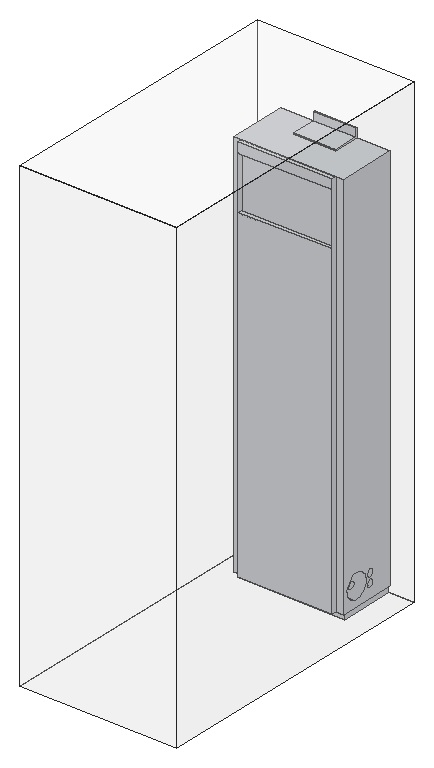
Revit family "ps-rp50_160ka21_50hz", category 機械設備, Revit 2019
Family settings
  丸型コネクタ寸法 = 直径を使用
  パーツ タイプ = 標準
  OmniClass 番号 = 23.75.10.24.21.27.27
  OmniClass タイトル = Split System Air Conditioning Units
  作業面ベース = いいえ
  常に垂直 = はい
  ロード時にボイドで切り取り = いいえ
  共有 = いいえ
  部屋計算ポイント = はい
Parameters (values of type "床置_PS-RP80KA21")
  風量_強 (㎥/min) = 15
  風量_弱 (㎥/min) = 13
  風量_中 (㎥/min) = 14
  風量 = MAX風量  # 900.0 m³/h
  音響パワーレベル_弱 (dB) = 52
  音響パワーレベル_中 (dB) = 55
  音響パワーレベル_強 (dB) = 57
  音響パワーレベル(dB) = [音響パワーレベル_強 (dB)]  # 57
  電線用ノックアウト穴Z2 = 90 mm
  電線用ノックアウト穴Z1 = 130 mm
  電線用ノックアウト穴Y = 110 mm
  電源種別 = ""
  電源_H = 0 mm
  電機品箱位置W = 22 mm
  電機品箱位置H = 641 mm
  電機品箱位置D = 170 mm
  電機品箱W = 348 mm
  電機品箱H = 151 mm
  電機品箱D = 61 mm
  電圧 = 0 V
  電動機出力_送風機 = 0.05 kW
  運転質量 = 0.00 kg
  連動 = ""
  転倒防止金具幅 = 180 mm
  質量 = if(製品質量 > 運転質量, 製品質量, 運転質量) * 1.2  # 42.00 kg
  負荷分類 = 3_ファン類
  構成品番 = "PS-RP80KA21"
  吊り位置y_3 = 175 mm
  吊り位置X_3 = 80 mm
  冷媒，ドレン配管用ノックアウト穴正面-Z = 105 mm
  冷媒，ドレン配管用ノックアウト穴正面-X2 = 20 mm
  ドレン管径 (外径) = 26 mm
  【値が 0 の項目は組合せ形名にてご確認ください】 = ""
  MIN風量 = [風量_弱 (㎥/min)] * 60.0 m³/h  # 780.0 m³/h
  MID風量 = [風量_中 (㎥/min)] * 60.0 m³/h  # 840.0 m³/h
  MAX風量 = [風量_強 (㎥/min)] * 60.0 m³/h  # 900.0 m³/h
  吸込口高さ = 585 mm
  吸込口幅 = 405 mm
  吊り位置Y_1 = 55 mm
  吊り位置Y_2 = 145 mm
  吊り位置X_2 = 280 mm
  吊り位置X_1 = 200 mm
  冷媒，ドレン配管用ノックアウト穴側面-Z = 110 mm
  冷媒，ドレン配管用ノックアウト穴側面-Y = 180 mm
  冷媒，ドレン配管用ノックアウト穴正面-X1 = 75 mm
  冷媒液管位置-Z = 550 mm
  冷媒液管位置-Y = 201 mm
  冷媒液管位置-X = 45 mm
  冷媒ガス管位置-Z = 402 mm
  冷媒ガス管位置-Y = 186 mm
  冷媒ガス管位置-X = 78 mm
  吹出口高さ = 230 mm
  吹出口幅 = 400 mm
  ドレン管径-Y = 210 mm
  ドレン管径-X = 25 mm
  ケーブルサイズ = 0 mm
  Width = 470 mm
  URL = "https://www.mitsubishielectric.co.jp/ldg/wink/ssl/top.do"
  Height = 1700 mm
  説明 = "店舗・事務所用パッケージエアコン(Mr.SLIM) 床置形"
  設計暖房能力 = 0.00 kW
  設計冷房能力_顕熱 = 0 kW
  設計冷房能力 = 0 kW
  設置方法 = "床置形"
  記号 = ""
  製造元 = "三菱電機株式会社"
  製品質量 = 35.00 kg
  製品出荷対象 = "国内"
  製品リリース年月 = ""
  製品グループ = ""
  系統 = ""
  符号 = "PAC_FRV"
  積算_科目 = "1 空気調和設備"
  積算_拾い区分 [instance] = ""
  相 = 1
  盤記号 = ""
  発停方法 = "付属スイッチ"
  特殊仕様 = ""
  火災停止 = ""
  消費電力_暖房 = 0.08 kW
  消費電力_冷房 = 0.09 kW
  消費電力 = if(消費電力_冷房 > 消費電力_暖房, 消費電力_冷房, 消費電力_暖房)  # 0.09 kW
  法定耐用年数 = "6"
  極数 = 1
  材質 = ""
  本体マテリアル = none
  有効加湿量 = 0
  暖房能力 = 8.00 kW
  推奨ブレーカー容量 = 0 A
  形式_加湿器 = ""
  形式 = "床置（露出）立形"
  幹線記号 = ""
  始動方式 = "直入"
  呼称 = "室内機_床置（露出）立形（直吹）"
  周波数 = 50 Hz
  台数_手元リモコン = ""
  台数_冷媒分岐ユニット = ""
  参照している仕様書等のバージョン = "公共建築工事標準仕様書（機械設備工事編）平成31年度版"
  加湿給水管径 = 0.00 mm
  分類コード = "5.0053E+13"
  分類グループ = ""
  冷房能力 = 7.1 kW
  冷媒高低圧ガス管径 = 0.00 mm
  冷媒管径符号 = "Bd"
  冷媒管径 = 100.00 mm
  冷媒液管径 = 9.52 mm
  冷媒ガス管径 = 15.88 mm
  企業コード = "108420"
  付属品_フィルター = ""
  付属品 = ""
  仕様書バージョン = "Version1.0"
  Model = ""
  パネルマテリアル = none
  ドレン管径 = 20.00 mm
  サービススペース = yes
  コメント [instance] = ""
  ケーブル種類 = ""
  Version = ""
  Uniclass2015Version = "Systems v1.9"
  Uniclass2015Title = "Split coil remote air cooled condensing units"
  Uniclass2015Code = "Pr_70_65_03_84"
  SpecificationReference = ""
  SpecificationDescription = ""
  Revision = ""
  ProductInformation = ""
  OmniClassCode = "23-33 17 13 11"
  IfcTypeProduct = ""
  IfcProduct = ""
  IfcExportType = "AIRCONDITIONINGUNIT"
  IfcExportAs = "IfcUnitaryEquipmentType"
  Depth = 270 mm
  価格 = 0
  Clearance Top = 300 mm
  Clearance Right = 100 mm
  Clearance Left = 100 mm
  Clearance Front = 1000 mm
  Clearance Bottom = 0 mm
  Clearance Back = 5 mm
  B = 797 mm
  Author = "三菱電機株式会社"
  A = 172.5 mm
Types (8, lengths in mm): name | 風量_強 (㎥/min) | 風量_弱 (㎥/min) | 風量_中 (㎥/min) | 風量 | 音響パワーレベル_弱 (dB) | 音響パワーレベル_中 (dB) | 音響パワーレベル_強 (dB) | 音響パワーレベル(dB) | 電線用ノックアウト穴Z1 | 電線用ノックアウト穴Y | 電機品箱位置H | 電機品箱位置D | 電機品箱W | 電機品箱H | 電機品箱D | 電動機出力_送風機 | 転倒防止金具幅 | 質量 | 構成品番 | 吊り位置y_3 | 吊り位置X_3 | 冷媒，ドレン配管用ノックアウト穴正面-Z | MIN風量 | MID風量 | MAX風量 | 吸込口高さ | 吸込口幅 | 吊り位置Y_1 | 吊り位置Y_2 | 吊り位置X_2 | 吊り位置X_1 | 冷媒，ドレン配管用ノックアウト穴側面-Z | 冷媒，ドレン配管用ノックアウト穴側面-Y | 冷媒，ドレン配管用ノックアウト穴正面-X1 | 冷媒液管位置-Z | 冷媒液管位置-Y | 冷媒液管位置-X | 冷媒ガス管位置-Z | 冷媒ガス管位置-Y | 冷媒ガス管位置-X | 吹出口高さ | 吹出口幅 | ドレン管径-Y | ドレン管径-X | Width | Height | 製品質量 | 消費電力_暖房 | 消費電力_冷房 | 消費電力 | 暖房能力 | 冷房能力 | 冷媒管径符号 | 冷媒液管径 | 冷媒ガス管径 | Depth | B | A
  床置_PS-RP50KA21 | 14 | 12 | 13 | 840.0 m³/h | 52 | 54 | 56 | 56 | 130 | 110 | 641 | 170 | 348 | 151 | 61 | 0.05 kW | 180 | 42.00 kg | "PS-RP50KA21" | 175 | 80 | 105 | 720.0 m³/h | 780.0 m³/h | 840.0 m³/h | 585 | 405 | 55 | 145 | 280 | 200 | 110 | 180 | 75 | 550 | 201 | 45 | 402 | 186 | 78 | 230 | 400 | 210 | 25 | 470 | 1700 | 35.00 kg | 0.08 kW | 0.09 kW | 0.09 kW | 5.00 kW | 4.5 kW | "Ac" | 6.35 | 12.70 | 270 | 797 | 172.5
  床置_PS-RP56KA21 | 14 | 12 | 13 | 840.0 m³/h | 52 | 54 | 56 | 56 | 130 | 110 | 641 | 170 | 348 | 151 | 61 | 0.05 kW | 180 | 42.00 kg | "PS-RP56KA21" | 175 | 80 | 105 | 720.0 m³/h | 780.0 m³/h | 840.0 m³/h | 585 | 405 | 55 | 145 | 280 | 200 | 110 | 180 | 75 | 550 | 201 | 45 | 402 | 186 | 78 | 230 | 400 | 210 | 25 | 470 | 1700 | 35.00 kg | 0.08 kW | 0.09 kW | 0.09 kW | 5.60 kW | 5 kW | "Ac" | 6.35 | 12.70 | 270 | 797 | 172.5
  床置_PS-RP63KA21 | 15 | 13 | 14 | 900.0 m³/h | 52 | 54 | 56 | 56 | 130 | 110 | 641 | 170 | 348 | 151 | 61 | 0.05 kW | 180 | 42.00 kg | "PS-RP63KA21" | 175 | 80 | 105 | 780.0 m³/h | 840.0 m³/h | 900.0 m³/h | 585 | 405 | 55 | 145 | 280 | 200 | 110 | 180 | 75 | 550 | 201 | 45 | 402 | 186 | 78 | 230 | 400 | 210 | 25 | 470 | 1700 | 35.00 kg | 0.08 kW | 0.09 kW | 0.09 kW | 6.30 kW | 5.6 kW | "Ac" | 6.35 | 12.70 | 270 | 797 | 172.5
  床置_PS-RP71KA21 | 15 | 13 | 14 | 900.0 m³/h | 52 | 55 | 57 | 57 | 130 | 110 | 641 | 170 | 348 | 151 | 61 | 0.05 kW | 180 | 42.00 kg | "PS-RP71KA21" | 175 | 80 | 105 | 780.0 m³/h | 840.0 m³/h | 900.0 m³/h | 585 | 405 | 55 | 145 | 280 | 200 | 110 | 180 | 75 | 550 | 201 | 45 | 402 | 186 | 78 | 230 | 400 | 210 | 25 | 470 | 1700 | 35.00 kg | 0.08 kW | 0.09 kW | 0.09 kW | 7.10 kW | 6.3 kW | "Bd" | 9.52 | 15.88 | 270 | 797 | 172.5
  床置_PS-RP80KA21 | 15 | 13 | 14 | 900.0 m³/h | 52 | 55 | 57 | 57 | 130 | 110 | 641 | 170 | 348 | 151 | 61 | 0.05 kW | 180 | 42.00 kg | "PS-RP80KA21" | 175 | 80 | 105 | 780.0 m³/h | 840.0 m³/h | 900.0 m³/h | 585 | 405 | 55 | 145 | 280 | 200 | 110 | 180 | 75 | 550 | 201 | 45 | 402 | 186 | 78 | 230 | 400 | 210 | 25 | 470 | 1700 | 35.00 kg | 0.08 kW | 0.09 kW | 0.09 kW | 8.00 kW | 7.1 kW | "Bd" | 9.52 | 15.88 | 270 | 797 | 172.5
  床置_PS-RP112KA21 | 30 | 24 | 27 | 1800.0 m³/h | 57 | 61 | 63 | 63 | 140 | 190 | 714 | 245 | 461 | 123 | 66 | 0.16 kW | 260 | 58.80 kg | "PS-RP112KA21" | 254 | 99 | 110 | 1440.0 m³/h | 1620.0 m³/h | 1800.0 m³/h | 599 | 524 | 77 | 201 | 277 | 218 | 115 | 260 | 105 | 590 | 261 | 48 | 480 | 261 | 95 | 260 | 520 | 289 | 27 | 600 | 1900 | 49.00 kg | 0.20 kW | 0.21 kW | 0.21 kW | 11.20 kW | 10 kW | "Bd" | 9.52 | 15.88 | 360 | 834 | 181
  床置_PS-RP140KA21 | 30 | 24 | 27 | 1800.0 m³/h | 57 | 61 | 63 | 63 | 140 | 190 | 714 | 245 | 461 | 123 | 66 | 0.16 kW | 260 | 58.80 kg | "PS-RP140KA21" | 254 | 99 | 110 | 1440.0 m³/h | 1620.0 m³/h | 1800.0 m³/h | 599 | 524 | 77 | 201 | 277 | 218 | 115 | 260 | 105 | 590 | 261 | 48 | 480 | 261 | 95 | 260 | 520 | 289 | 27 | 600 | 1900 | 49.00 kg | 0.20 kW | 0.21 kW | 0.21 kW | 14.00 kW | 12.5 kW | "Bd" | 9.52 | 15.88 | 360 | 834 | 181
  床置_PS-RP160KA21 | 30 | 24 | 27 | 1800.0 m³/h | 59 | 62 | 64 | 64 | 140 | 190 | 714 | 245 | 461 | 123 | 66 | 0.16 kW | 260 | 58.80 kg | "PS-RP160KA21" | 254 | 99 | 110 | 1440.0 m³/h | 1620.0 m³/h | 1800.0 m³/h | 599 | 524 | 77 | 201 | 277 | 218 | 115 | 260 | 105 | 590 | 261 | 48 | 480 | 261 | 95 | 260 | 520 | 289 | 27 | 600 | 1900 | 49.00 kg | 0.20 kW | 0.21 kW | 0.21 kW | 16.00 kW | 14 kW | "Bd" | 9.52 | 15.88 | 360 | 834 | 181
Reference planes
  plane 1 "中心(正面/背面)": y = 0
  plane 2: z = 0
  plane 3 "中心(左/右)": x = 0
  plane 4: x = -235
  plane 5: x = 235
  plane 6: z = 1700
  plane 7: z = 30
  plane 8: x = 157
  plane 9: x = 190
  plane 10: x = 210
  plane 11: x = -90
  plane 12: x = 90
  plane 13: z = 550
  plane 14: z = 402
  plane 15: z = 1430
  plane 16: z = 757.5
  plane 17: z = 172.5
  plane 18: x = -202.5
  plane 19: x = 202.5
  plane 20: z = 827
  plane 21: z = 1660
  plane 22: x = -335
  plane 23: x = 335
  plane 24: z = 2000
  plane 25: z = 110
  plane 26 "本体背面": y = 0
  plane 27: y = -250
  plane 28 "Front": y = -270
  plane 29: y = -186
  plane 30: y = -201
  plane 31: y = -210
  plane 32: y = 5
  plane 33: y = -1270
  plane 34: y = -180
  plane 35: y = -110
  plane 36: x = -122.5
  plane 37: x = 122.5
  plane 38: y = -55
  plane 39: y = -200
  plane 40: x = -140
  plane 41: x = 140
  plane 42: x = -100
  plane 43: x = 100
  plane 44: z = 105
  plane 45: x = 160
  plane 46: x = -20
  plane 47: z = 90
  plane 48: z = 130
  plane 49: z = 125
  plane 50: x = -225
  plane 51: y = -175
  plane 52: x = 155
  plane 53: y = -170
  plane 54: y = -231
  plane 55: z = 641
  plane 56: z = 792
  plane 57: x = -213
  plane 58: x = 135
Forms (mm)
  Extrusion 1, solid
    sketch origin (0, -125, 0) x (1, 0, 0) y (0, 1, 0)
      loop
        line (-235, 125) -> (-235, -125) -> (235, -125) -> (235, 125) -> (-235, 125)
    from 30 to 1700
  Extrusion 2, solid, detail levels fine
    sketch origin (0, -125, 0) x (1, 0, 0) y (0, 1, 0)
      loop
        line (-202.5, -145) -> (202.5, -145) -> (202.5, -125) -> (-202.5, -125) -> (-202.5, -145)
    from 30 to 1700
  Extrusion 3, solid, detail levels fine
    sketch origin (0, -125, 0) x (1, 0, 0) y (0, 1, 0)
      loop
        line (-225, -105) -> (225, -105) -> (225, 125) -> (-225, 125) -> (-225, -105)
    from 0 to 30
  Extrusion 4, solid, detail levels fine
    sketch origin (0, -125, 0) x (0, 1, 0) y (0, 0, 1)
      loop
        line (125, 1740) -> (120, 1740) -> (120, 1704.676) -> (14, 1704.676) -> (14, 1700) -> (125, 1700) -> (125, 1740)
    from -90 to 90
  Extrusion 5, solid, detail levels fine
    sketch origin (0, -125, 0) x (1, 0, 0) y (0, 1, 0)
      loop
        circle (157, -61) r 7.94
    from 402 to 827
  Extrusion 6, solid, detail levels fine
    sketch origin (35, -140, 0) x (1, 0, 0) y (0, 1, 0)
      loop
        circle (155, -61) r 4.76
    from 550 to 827
  Extrusion 7, solid, detail levels fine
    sketch origin (0, -125, 0) x (1, 0, 0) y (0, 1, 0)
      loop
        circle (210, -85) r 13
    from 125 to 827
  Extrusion 8, void
    sketch origin (0, -125, 0) x (1, 0, 0) y (0, 0, 1)
      loop
        line (-200, 1660) -> (-200, 1430) -> (200, 1430) -> (200, 1660) -> (-200, 1660)
    from 125 to 145
  Extrusion 9, solid, detail levels fine
    sketch origin (0, -125, 0) x (0, 1, 0) y (0, 0, 1)
      loop
        circle (-55, 110) r 50
    from 225 to 235
  Extrusion 10, solid
    sketch origin (1480.036, -270, 1200) x (1, 0, 0) y (0, 0, -1)
      loop
        circle (-1500.036, 1095) r 50
    from 265 to 270
  Extrusion 11, solid
    sketch origin (1630.036, -270, 1200) x (1, 0, 0) y (0, 0, -1)
      loop
        circle (-1470.036, 1095) r 50
    from 265 to 270
  Extrusion 12, solid, detail levels fine
    sketch origin (0, 0, 0) x (0, 1, 0) y (0, 0, 1)
      loop
        circle (-110, 90) r 13.5
      loop
        circle (-110, 130) r 13.5
    from 225 to 235
  Extrusion 13, solid
    sketch origin (0, 0, 0) x (1, 0, 0) y (0, 1, 0)
      loop
        circle (185, -175) r 13
    from 0 to 1.766
  Extrusion 14, solid
    sketch origin (0, 0, 0) x (0, 1, 0) y (0, 0, 1)
      loop
        circle (-210, 125) r 13
    from 235 to 225
  Extrusion 15, solid
    sketch origin (0, 0, 0) x (0, 1, 0) y (0, 0, 1)
      loop
        circle (-180, 110) r 50
    from -225 to -235
  Extrusion 16, solid
    sketch origin (0, 0, 0) x (0, 1, 0) y (0, 0, 1)
      loop
        circle (-210, 125) r 13
    from -235 to -225
  Extrusion 17, solid
    sketch origin (0, 0, 0) x (1, 0, 0) y (0, 1, 0)
      loop
        circle (155, -175) r 50
    from 0 to 30
  Extrusion 18, solid
    sketch origin (1480.036, -270, 1200) x (1, 0, 0) y (0, 0, -1)
      loop
        circle (-1470.036, 1090) r 13
    from 270 to 265
  Extrusion 19, solid
    sketch origin (1480.036, -270, 1200) x (1, 0, 0) y (0, 0, -1)
      loop
        circle (-1290.036, 1090) r 13
    from 265 to 270
  Extrusion 20, solid, detail levels fine
    sketch origin (0, 0, 0) x (1, 0, 0) y (0, 0, 1)
      loop
        line (-213, 792) -> (-213, 641) -> (135, 641) -> (135, 792) -> (-213, 792)
    from 170 to 231
Cuts and joins
  Extrusion 8 cuts Extrusion 1
  Extrusion 8 cuts Extrusion 2
Lines and regions (mm)
  model lines, detail levels fine
    curve 1: line (-235, -250, 827) -> (-202.5, -250, 827)
    curve 2: line (235, -250, 827) -> (202.5, -250, 827)
    curve 3: line (-202.5, -270, 172.5) -> (202.5, -270, 172.5)
    curve 4: line (-202.5, -270, 757.5) -> (-202.5, -270, 172.5)
    curve 5: line (202.5, -270, 757.5) -> (202.5, -270, 172.5)
    curve 6: line (-202.5, -270, 757.5) -> (202.5, -270, 757.5)
    curve 7: line (-202.5, -270, 189.706) -> (202.5, -270, 189.706)
    curve 8: line (-202.5, -270, 206.912) -> (202.5, -270, 206.912)
    curve 9: line (-202.5, -270, 224.118) -> (202.5, -270, 224.118)
    curve 10: line (-202.5, -270, 241.324) -> (202.5, -270, 241.324)
    curve 11: line (-202.5, -270, 258.529) -> (202.5, -270, 258.529)
    curve 12: line (-202.5, -270, 275.735) -> (202.5, -270, 275.735)
    curve 13: line (-202.5, -270, 292.941) -> (202.5, -270, 292.941)
    curve 14: line (-202.5, -270, 310.147) -> (202.5, -270, 310.147)
    curve 15: line (-202.5, -270, 327.353) -> (202.5, -270, 327.353)
    curve 16: line (-202.5, -270, 344.559) -> (202.5, -270, 344.559)
    curve 17: line (-202.5, -270, 361.765) -> (202.5, -270, 361.765)
    curve 18: line (-202.5, -270, 378.971) -> (202.5, -270, 378.971)
    curve 19: line (-202.5, -270, 396.176) -> (202.5, -270, 396.176)
    curve 20: line (-202.5, -270, 413.382) -> (202.5, -270, 413.382)
    curve 21: line (-202.5, -270, 430.588) -> (202.5, -270, 430.588)
    curve 22: line (-202.5, -270, 447.794) -> (202.5, -270, 447.794)
    curve 23: line (-202.5, -270, 465) -> (202.5, -270, 465)
    curve 24: line (-202.5, -270, 482.206) -> (202.5, -270, 482.206)
    curve 25: line (-202.5, -270, 499.412) -> (202.5, -270, 499.412)
    curve 26: line (-202.5, -270, 516.618) -> (202.5, -270, 516.618)
    curve 27: line (-202.5, -270, 533.824) -> (202.5, -270, 533.824)
    curve 28: line (-202.5, -270, 551.029) -> (202.5, -270, 551.029)
    curve 29: line (-202.5, -270, 568.235) -> (202.5, -270, 568.235)
    curve 30: line (-202.5, -270, 585.441) -> (202.5, -270, 585.441)
    curve 31: line (-202.5, -270, 602.647) -> (202.5, -270, 602.647)
    curve 32: line (-202.5, -270, 619.853) -> (202.5, -270, 619.853)
    curve 33: line (-202.5, -270, 637.059) -> (202.5, -270, 637.059)
    curve 34: line (-202.5, -270, 654.265) -> (202.5, -270, 654.265)
    curve 35: line (-202.5, -270, 671.471) -> (202.5, -270, 671.471)
    curve 36: line (-202.5, -270, 688.676) -> (202.5, -270, 688.676)
    curve 37: line (-202.5, -270, 705.882) -> (202.5, -270, 705.882)
    curve 38: line (-202.5, -270, 723.088) -> (202.5, -270, 723.088)
    curve 39: line (-202.5, -270, 740.294) -> (202.5, -270, 740.294)
    curve 40: line (200, -270, 1660) -> (200, -270, 1430)
    curve 41: line (-200, -270, 1430) -> (200, -270, 1430)
    curve 42: line (-60, -270, 1326) -> (60, -270, 1326)
    curve 43: line (-60, -270, 1206) -> (-60, -270, 1326)
    curve 44: line (60, -270, 1206) -> (-60, -270, 1206)
    curve 45: line (60, -270, 1326) -> (60, -270, 1206)
    curve 46: line (-200, -270, 1430) -> (200, -270, 1430)
    curve 47: line (-200, -270, 1660) -> (-200, -270, 1430)
    curve 48: line (-200, -270, 1660) -> (200, -270, 1660)
    curve 49: line (-200, -270, 1462.857) -> (200, -270, 1462.857)
    curve 50: line (-200, -270, 1495.714) -> (200, -270, 1495.714)
    curve 51: line (-200, -270, 1528.571) -> (200, -270, 1528.571)
    curve 52: line (-200, -270, 1561.429) -> (200, -270, 1561.429)
    curve 53: line (-200, -270, 1594.286) -> (200, -270, 1594.286)
    curve 54: line (-200, -270, 1627.143) -> (200, -270, 1627.143)
    curve 55: line (200, -270, 1660) -> (200, -270, 1430)
    curve 56: line (-142.857, -270, 1660) -> (-142.857, -270, 1430)
    curve 57: line (-85.714, -270, 1660) -> (-85.714, -270, 1430)
    curve 58: line (-28.571, -270, 1660) -> (-28.571, -270, 1430)
    curve 59: line (28.571, -270, 1660) -> (28.571, -270, 1430)
    curve 60: line (85.714, -270, 1660) -> (85.714, -270, 1430)
    curve 61: line (142.857, -270, 1660) -> (142.857, -270, 1430)
    curve 62: line (-202.5, -270, 827) -> (-94.055, -270, 827)
    curve 63: line (202.5, -270, 827) -> (94.055, -270, 827)
    curve 64: arc (-94.055, -270, 827) -> (-84.472, -270, 826.073) -> (-75.244, -270, 823.326) r 50
    curve 65: arc (75.244, -270, 823.326) -> (84.472, -270, 826.073) -> (94.055, -270, 827) r 50
    curve 66: arc (-75.244, -270, 823.326) -> (0, -270, 808.632) -> (75.244, -270, 823.326) r 200
Dimensions and locks
  equal spacing: plane 4, plane 3 "中心(左/右)", plane 5
  "Width": plane 4 to plane 5
  "Height": plane 6 to plane 2
  plane 7 to level = 30 mm
  equal spacing: plane 11, plane 3 "中心(左/右)", plane 12
  "転倒防止金具幅": plane 11 to plane 12
  "冷媒液管位置-Z": plane 13 to plane 2
  "冷媒ガス管位置-Z": plane 14 to plane 2
  "A": plane 17 to plane 2
  "吸込口高さ": plane 16 to plane 17
  "B": plane 20 to plane 7
  locked: plane 6 to plane 21 at 40
  "吹出口高さ": plane 21 to plane 15
  equal spacing: plane 19, plane 3 "中心(左/右)", plane 18
  "吸込口幅": plane 19 to plane 18
  plane 12 to plane 11 = 180 mm
  plane 5 to plane 4 = 470 mm
  "Clearance Left": plane 22 to plane 4
  "Clearance Top": plane 24 to plane 6
  "冷媒，ドレン配管用ノックアウト穴側面-Z": plane 25 to plane 2
  plane 27 to plane 28 "Front" = 20 mm
  locked: Extrusion 3 sketch curve to plane 5 at 10
  locked: Extrusion 3 sketch curve to plane 27 at 20
  "冷媒ガス管位置-Y": plane 29 to plane 26 "本体背面"
  "冷媒液管位置-Y": plane 30 to plane 26 "本体背面"
  "ドレン管径-Y": plane 31 to plane 26 "本体背面"
  locked: Extrusion 4 sketch curve to Extrusion 4 sketch curve at 5
  locked: Extrusion 4 sketch curve to Extrusion 4 sketch curve at 111
  "冷媒ガス管位置-X": plane 8 to plane 5
  "冷媒液管位置-X": plane 9 to plane 5
  "ドレン管径-X": plane 10 to plane 5
  equal spacing: Extrusion 8 sketch curve, plane 3 "中心(左/右)", Extrusion 8 sketch curve
  "吹出口幅": Extrusion 8 sketch curve to Extrusion 8 sketch curve
  "Clearance Front": plane 28 "Front" to plane 33
  "Clearance Back": plane 26 "本体背面" to plane 32
  "Clearance Right": plane 5 to plane 23
  locked: Extrusion 9 to plane 5 at 10
  equal spacing: curve 6, curve 39, curve 38, curve 37, curve 36, curve 35, curve 34, curve 33, curve 32, curve 31, curve 30, curve 29, curve 28, curve 27, curve 26, curve 25, curve 24, curve 23, curve 22, curve 21, curve 20, curve 19, curve 18, curve 17, curve 16, curve 15, curve 14, curve 13, curve 12, curve 11, curve 10, curve 9, curve 8, curve 7, curve 3
  cut or joined group of Extrusion 2, Extrusion 8 to cut or joined group of Extrusion 2, Extrusion 8 = 400 mm
  locked: curve 42 to curve 44 at 120
  locked: curve 45 to curve 43 at 120
  equal spacing: cut or joined group of Extrusion 2, Extrusion 8, curve 54, curve 53, curve 52, curve 51, curve 50, curve 49, cut or joined group of Extrusion 2, Extrusion 8
  "Clearance Bottom": plane 2 to nested 1
  locked: plane 15 to curve 42 at 104
  "電線用ノックアウト穴Y": plane 26 "本体背面" to plane 35
  "冷媒，ドレン配管用ノックアウト穴側面-Y": plane 26 "本体背面" to plane 34
  equal spacing: curve 45, plane 3 "中心(左/右)", curve 43
  equal spacing: cut or joined group of Extrusion 2, Extrusion 8, curve 56, curve 57, curve 58, curve 59, curve 60, curve 61, cut or joined group of Extrusion 2, Extrusion 8
  "吊り位置Y_1": plane 38 to plane 26 "本体背面"
  "吊り位置Y_2": plane 38 to plane 39
  equal spacing: plane 40, plane 3 "中心(左/右)", plane 41
  "吊り位置X_2": plane 40 to plane 41
  equal spacing: plane 42, plane 3 "中心(左/右)", plane 43
  "吊り位置X_1": plane 42 to plane 43
  "冷媒，ドレン配管用ノックアウト穴正面-X1": plane 45 to plane 5
  "冷媒，ドレン配管用ノックアウト穴正面-X2": plane 3 "中心(左/右)" to plane 46
  "電線用ノックアウト穴Z2": plane 47 to level
  "電線用ノックアウト穴Z1": plane 48 to plane 2
  locked: Extrusion 11 to cut or joined group of Extrusion 1, Extrusion 8 at 5
  locked: Extrusion 10 to cut or joined group of Extrusion 1, Extrusion 8 at 5
  "冷媒，ドレン配管用ノックアウト穴正面-Z": plane 2 to plane 44
  plane 8 to plane 9 = 33 mm
  "Depth": plane 26 "本体背面" to plane 28 "Front"
  plane 49 to level = 125 mm
  plane 50 to plane 4 = 10 mm
  "吊り位置y_3": plane 26 "本体背面" to plane 51
  "吊り位置X_3": plane 52 to plane 5
  Extrusion 18 sketch curve to plane 46 = 30 mm
  plane 45 to Extrusion 19 sketch curve = 30 mm
  plane 52 to Extrusion 13 sketch curve = 30 mm
  "電機品箱位置D": plane 53 to plane 26 "本体背面"
  "電機品箱D": plane 54 to plane 53
  "電機品箱位置H": plane 55 to plane 2
  "電機品箱H": plane 56 to plane 55
  "電機品箱位置W": plane 57 to plane 4
  "電機品箱W": plane 58 to plane 57
  "冷媒ガス管径": diameter of Extrusion 5 sketch curve
  "冷媒液管径": diameter of Extrusion 6 sketch curve
  "ドレン管径 (外径)": diameter of Extrusion 7 sketch curve
  "冷媒管径": diameter of Extrusion 9 sketch curve
  "冷媒管径": diameter of Extrusion 10 sketch curve
  "冷媒管径": diameter of Extrusion 11 sketch curve
  radius of curve 66 = 200 mm
  "ドレン管径 (外径)": diameter of Extrusion 13 sketch curve
  "ドレン管径 (外径)": diameter of Extrusion 14 sketch curve
  "冷媒管径": diameter of Extrusion 17 sketch curve
  "ドレン管径 (外径)": diameter of Extrusion 18 sketch curve
  "ドレン管径 (外径)": diameter of Extrusion 19 sketch curve
  aligned and locked: level to plane 2
  aligned and locked: plane 26 "本体背面" to Extrusion 1 sketch curve
  aligned and locked: plane 27 to Extrusion 1 sketch curve
  aligned and locked: plane 5 to Extrusion 1 sketch curve
  aligned and locked: plane 27 to Extrusion 2 sketch curve
  aligned and locked: Extrusion 2 sketch curve to plane 28 "Front"
  aligned and locked: Extrusion 3 sketch curve to plane 26 "本体背面"
  aligned and locked: plane 8 to Extrusion 5 sketch curve
  aligned and locked: plane 29 to Extrusion 5 sketch curve
  aligned and locked: plane 9 to Extrusion 6 sketch curve
  aligned and locked: plane 30 to Extrusion 6 sketch curve
  aligned and locked: plane 10 to Extrusion 7 sketch curve
  aligned and locked: plane 31 to Extrusion 7 sketch curve
  aligned and locked: Extrusion 7 to Extrusion 5
  aligned and locked: Extrusion 6 to Extrusion 5
  aligned and locked: Extrusion 8 to plane 28 "Front"
  aligned and locked: plane 27 to Extrusion 8
  aligned and locked: plane 32 to nested 1
  aligned and locked: nested 1 to plane 33
  aligned and locked: plane 34 to Extrusion 9 sketch curve
  aligned and locked: Extrusion 9 to plane 5
  aligned and locked: Extrusion 9 to Extrusion 3
  aligned and locked: nested 1 to plane 23
  aligned and locked: plane 23 to nested 1
  aligned and locked: plane 1 "中心(正面/背面)" to plane 26 "本体背面"
  aligned and locked: plane 24 to nested 1
  aligned and locked: plane 6 to cut or joined group of Extrusion 2, Extrusion 8
  aligned and locked: plane 6 to cut or joined group of Extrusion 1, Extrusion 8
  aligned and locked: Extrusion 4 to plane 6
  aligned and locked: plane 21 to cut or joined group of Extrusion 2, Extrusion 8
  aligned and locked: cut or joined group of Extrusion 2, Extrusion 8 to plane 15
  aligned and locked: cut or joined group of Extrusion 2, Extrusion 8 to plane 18
  aligned and locked: plane 19 to curve 5
  aligned and locked: plane 19 to curve 2
  aligned and locked: plane 18 to curve 1
  aligned and locked: Extrusion 5 to plane 14
  aligned and locked: Extrusion 6 to plane 13
  aligned and locked: curve 4 to plane 18
  aligned and locked: cut or joined group of Extrusion 2, Extrusion 8 to plane 19
  aligned and locked: plane 18 to cut or joined group of Extrusion 2, Extrusion 8
  aligned and locked: curve 55 to cut or joined group of Extrusion 2, Extrusion 8
  aligned and locked: curve 47 to cut or joined group of Extrusion 2, Extrusion 8
  aligned and locked: curve 48 to plane 21
  aligned and locked: curve 46 to plane 15
  aligned and locked: plane 18 to curve 62
  aligned and locked: curve 62 to plane 20
  aligned and locked: plane 19 to curve 63
  aligned and locked: plane 20 to curve 63
  aligned and locked: plane 20 to curve 65
  aligned and locked: plane 22 to nested 1
  aligned and locked: Extrusion 1 to plane 4
  aligned and locked: cut or joined group of Extrusion 1, Extrusion 8 to plane 5
  aligned and locked: nested 1 to plane 24
  aligned and locked: cut or joined group of Extrusion 1, Extrusion 8 to plane 6
  aligned and locked: nested 2 to plane 38
  aligned and locked: nested 2 to plane 39  (x2)
  aligned and locked: plane 3 "中心(左/右)" to nested 2
  aligned and locked: nested 2 to plane 40
  aligned and locked: plane 41 to nested 2
  aligned and locked: plane 38 to nested 2
  aligned and locked: nested 2 to plane 41
  aligned and locked: plane 40 to nested 2
  aligned and locked: plane 46 to Extrusion 10 sketch curve
  aligned and locked: plane 44 to Extrusion 10 sketch curve
  aligned and locked: plane 45 to Extrusion 11 sketch curve
  aligned and locked: plane 44 to Extrusion 11 sketch curve
  aligned and locked: Extrusion 11 to plane 1 "中心(正面/背面)"
  aligned and locked: Extrusion 10 to plane 1 "中心(正面/背面)"
  aligned and locked: Extrusion 4 to Extrusion 10
  aligned and locked: level to nested 1  (x2)
  aligned and locked: plane 48 to Extrusion 12 sketch curve
  aligned and locked: plane 47 to Extrusion 12 sketch curve
  aligned and locked: Extrusion 12 to plane 5
  aligned and locked: Extrusion 12 to Extrusion 3
  aligned and locked: Extrusion 7 to plane 49
  aligned and locked: plane 31 to Extrusion 14 sketch curve
  aligned and locked: plane 49 to Extrusion 14 sketch curve
  aligned and locked: Extrusion 14 to plane 5
  aligned and locked: Extrusion 9 to Extrusion 14
  aligned and locked: Extrusion 15 sketch curve to Extrusion 9
  aligned and locked: Extrusion 15 to plane 4
  aligned and locked: Extrusion 3 to Extrusion 15
  aligned and locked: Extrusion 16 sketch curve to Extrusion 14
  aligned and locked: Extrusion 16 to plane 4
  aligned and locked: Extrusion 3 to Extrusion 16
  aligned and locked: plane 52 to Extrusion 17 sketch curve
  aligned and locked: plane 51 to Extrusion 17 sketch curve
  aligned and locked: plane 25 to Extrusion 18 sketch curve
  aligned and locked: plane 25 to Extrusion 19 sketch curve
  aligned and locked: Extrusion 18 to plane 1 "中心(正面/背面)"
  aligned and locked: Extrusion 10 to Extrusion 18
  aligned and locked: Extrusion 19 to plane 1 "中心(正面/背面)"
  aligned and locked: Extrusion 10 to Extrusion 19
  aligned and locked: plane 51 to Extrusion 13 sketch curve
  aligned and locked: plane 58 to Extrusion 20
  aligned and locked: Extrusion 20 to plane 57
  aligned and locked: Extrusion 20 to plane 55
  aligned and locked: plane 56 to Extrusion 20
  aligned and locked: Extrusion 20 to plane 53
  aligned and locked: plane 54 to Extrusion 20
Automatic sketch dimensions
  Extrusion 1 sketch curve to plane 4 = 0 mm
  Extrusion 2 sketch curve to plane 18 = 0 mm
  Extrusion 2 sketch curve to plane 19 = 0 mm
  plane 4 to Extrusion 3 sketch curve = 10 mm
  Extrusion 4 sketch curve to plane 6 = 0 mm
  plane 1 "中心(正面/背面)" to Extrusion 4 sketch curve = 0 mm
  plane 6 to Extrusion 4 sketch curve = 4.676 mm
  Extrusion 4 sketch curve to Extrusion 4 sketch curve = 35.324 mm
  curve 1 to plane 4 = 0 mm
  plane 5 to curve 2 = 0 mm
  curve 1 to plane 20 = 0 mm
  curve 2 to plane 20 = 0 mm
  curve 3 to plane 17 = 0 mm
  curve 3 to plane 18 = 0 mm
  curve 66 to plane 3 "中心(左/右)" = 0 mm
  curve 6 to plane 16 = 0 mm
  plane 11 to curve 62 = 4.055 mm
  plane 12 to curve 63 = 4.055 mm
  curve 65 to plane 16 = 19.5 mm
  curve 64 to plane 16 = 19.5 mm
  curve 66 to curve 64 = 0 mm
  Extrusion 12 sketch curve to plane 35 = 0 mm  (x2)
  Extrusion 20 sketch curve to plane 55 = 0 mm
  Extrusion 20 sketch curve to plane 57 = 0 mm
  Extrusion 20 sketch curve to plane 58 = 0 mm
  plane 16 to Extrusion 20 sketch curve = 34.5 mm
  Extrusion 8 sketch curve to plane 15 = 0 mm
  Extrusion 8 sketch curve to plane 21 = 0 mm
  Extrusion 9 sketch curve to plane 25 = 0 mm
  radius of Extrusion 12 sketch curve = 13.5 mm  (x2)
Nested families
  nested 1: "サービススペース" at (0, -632.5, 1000), visible <- "サービススペース", type "サービススペース", detail levels fine
    with Width 670 mm, Height 2000 mm, Depth 1275 mm
  nested 2: "固定点" at (0, -200, 0), W2 <- "吊り位置X_2", D <- "吊り位置Y_2", W1 <- "吊り位置X_1", type "固定点"
    with W2 280 mm, W1 200 mm, D 145 mm
Connectors
  piping at (235, -180, 110), diameter 100, driven by "冷媒管径", driven by "冷媒管径符号"
    settings: on Extrusion 9, index 6, connector inside diameter 609.60 mm, connector length 0 mm, flow factor 0, pipe flow 0.0 L/s, pressure drop 0.0 Pa, fitting loss kfactor 0, connector angle 0.00°, fixture units 0, engagement length 0 mm, angle of deflection 0.00°, flow configuration 1, flow direction 1, fitting loss method 4, system type 7, joint type 0, gender type 0, connector reference index -1, connector utility 0, adjustable connector no, is connector primary yes, connector description "Bd"
  piping at (160, 0, 105), diameter 100, driven by "冷媒管径", driven by "冷媒管径符号"
    settings: on Extrusion 11, index 8, connector inside diameter 609.60 mm, connector length 0 mm, flow factor 0, pipe flow 0.0 L/s, pressure drop 0.0 Pa, fitting loss kfactor 0, connector angle 0.00°, fixture units 0, engagement length 0 mm, angle of deflection 0.00°, flow configuration 1, flow direction 1, fitting loss method 4, system type 7, joint type 0, gender type 0, connector reference index -1, connector utility 0, adjustable connector no, is connector primary no, connector description "Bd"
  piping at (-20, 0, 105), diameter 100, driven by "冷媒管径", driven by "冷媒管径符号"
    settings: on Extrusion 10, index 9, connector inside diameter 609.60 mm, connector length 0 mm, flow factor 0, pipe flow 0.0 L/s, pressure drop 0.0 Pa, fitting loss kfactor 0, connector angle 0.00°, fixture units 0, engagement length 0 mm, angle of deflection 0.00°, flow configuration 1, flow direction 1, fitting loss method 4, system type 7, joint type 0, gender type 0, connector reference index -1, connector utility 0, adjustable connector no, is connector primary no, connector description "Bd"
  piping at (185, -175, 0), diameter 20, driven by "ドレン管径"
    settings: on Extrusion 13, index 11, connector inside diameter 609.60 mm, connector length 0 mm, flow factor 0, pipe flow 0.0 L/s, pressure drop 0.0 Pa, fitting loss kfactor 0, connector angle 0.00°, fixture units 0, engagement length 0 mm, angle of deflection 0.00°, flow configuration 1, flow direction 2, fitting loss method 4, system type 16, joint type 0, gender type 0, connector reference index -1, connector utility 0, adjustable connector no, is connector primary no, connector description ""
  piping at (235, -210, 125), diameter 20, driven by "ドレン管径"
    settings: on Extrusion 14, index 12, connector inside diameter 609.60 mm, connector length 0 mm, flow factor 0, pipe flow 0.0 L/s, pressure drop 0.0 Pa, fitting loss kfactor 0, connector angle 0.00°, fixture units 0, engagement length 0 mm, angle of deflection 0.00°, flow configuration 1, flow direction 2, fitting loss method 4, system type 16, joint type 0, gender type 0, connector reference index -1, connector utility 0, adjustable connector no, is connector primary no, connector description ""
  piping at (-235, -180, 110), diameter 100, driven by "冷媒管径", driven by "冷媒管径符号"
    settings: on Extrusion 15, index 13, connector inside diameter 609.60 mm, connector length 0 mm, flow factor 0, pipe flow 0.0 L/s, pressure drop 0.0 Pa, fitting loss kfactor 0, connector angle 0.00°, fixture units 0, engagement length 0 mm, angle of deflection 0.00°, flow configuration 1, flow direction 1, fitting loss method 4, system type 7, joint type 0, gender type 0, connector reference index -1, connector utility 0, adjustable connector no, is connector primary no, connector description "Bd"
  piping at (-235, -210, 125), diameter 20, driven by "ドレン管径"
    settings: on Extrusion 16, index 14, connector inside diameter 609.60 mm, connector length 0 mm, flow factor 0, pipe flow 0.0 L/s, pressure drop 0.0 Pa, fitting loss kfactor 0, connector angle 0.00°, fixture units 0, engagement length 0 mm, angle of deflection 0.00°, flow configuration 2, flow direction 2, fitting loss method 4, system type 16, joint type 0, gender type 0, connector reference index -1, connector utility 0, adjustable connector no, is connector primary no, connector description ""
  piping at (155, -175, 0), diameter 100, driven by "冷媒管径", driven by "冷媒管径符号"
    settings: on Extrusion 17, index 15, connector inside diameter 609.60 mm, connector length 0 mm, flow factor 0, pipe flow 0.0 L/s, pressure drop 0.0 Pa, fitting loss kfactor 0, connector angle 0.00°, fixture units 0, engagement length 0 mm, angle of deflection 0.00°, flow configuration 1, flow direction 1, fitting loss method 4, system type 7, joint type 0, gender type 0, connector reference index -1, connector utility 0, adjustable connector no, is connector primary no, connector description "Bd"
  piping at (190, 0, 110), diameter 20, driven by "ドレン管径"
    settings: on Extrusion 19, index 16, connector inside diameter 609.60 mm, connector length 0 mm, flow factor 0, pipe flow 0.0 L/s, pressure drop 0.0 Pa, fitting loss kfactor 0, connector angle 0.00°, fixture units 0, engagement length 0 mm, angle of deflection 0.00°, flow configuration 1, flow direction 2, fitting loss method 4, system type 16, joint type 0, gender type 0, connector reference index -1, connector utility 0, adjustable connector no, is connector primary no, connector description ""
  piping at (10, 0, 110), diameter 20, driven by "ドレン管径"
    settings: on Extrusion 18, index 17, connector inside diameter 609.60 mm, connector length 0 mm, flow factor 0, pipe flow 0.0 L/s, pressure drop 0.0 Pa, fitting loss kfactor 0, connector angle 0.00°, fixture units 0, engagement length 0 mm, angle of deflection 0.00°, flow configuration 1, flow direction 2, fitting loss method 4, system type 16, joint type 0, gender type 0, connector reference index -1, connector utility 0, adjustable connector no, is connector primary no, connector description ""
  electrical at (-39, -231, 716.5), driven by "極数", driven by "負荷分類", driven by "電圧", driven by "消費電力"
    settings: on Extrusion 20, index 18, voltage 0 V, apparent load 90 VA, apparent load phase1 0 VA, apparent load phase2 0 VA, apparent load phase3 0 VA, power factor 1, load classification "3_ファン類", number of poles 1, system type 30, power factor state 1, is connector primary yes, connector utility no, sub classification motor no, connector description ""
Definition of nested family "サービススペース"
  Parameters (values of type "サービススペース")
    Width [instance] = 500 mm
    Height [instance] = 500 mm
    Depth [instance] = 500 mm
  Reference planes
    plane 1 "中心(正面/背面)": y = 0
    plane 2: z = 0
    plane 3 "中心(左/右)": x = 0
    plane 4: y = -250
    plane 5: x = 250
    plane 6: y = 250
    plane 7: x = -250
    plane 8: z = 250
    plane 9: z = -250
  Forms (mm)
    Extrusion 1, solid
      sketch origin (-638.939, 0, 72.39) x (1, 0, 0) y (0, 1, 0)
        loop
          line (388.939, 250) -> (388.939, -250) -> (888.939, -250) -> (888.939, 250) -> (388.939, 250)
      from -322.39 to 177.61
  Lines and regions (mm)
    symbolic lines
      curve 1: line (-250, 0, 250) -> (250, 0, 250)
      curve 2: line (-250, 0, -250) -> (-250, 0, 250)
      curve 3: line (250, 0, -250) -> (-250, 0, -250)
      curve 4: line (250, 0, 250) -> (250, 0, -250)
      curve 5: line (0, -250, 250) -> (0, 250, 250)
      curve 6: line (0, -250, -250) -> (0, -250, 250)
      curve 7: line (0, 250, -250) -> (0, -250, -250)
      curve 8: line (0, 250, 250) -> (0, 250, -250)
      curve 9: line (-250, 250, 0) -> (250, 250, 0)
      curve 10: line (-250, -250, 0) -> (-250, 250, 0)
      curve 11: line (250, -250, 0) -> (-250, -250, 0)
      curve 12: line (250, 250, 0) -> (250, -250, 0)
  Dimensions and locks
    equal spacing: plane 7, plane 3 "中心(左/右)", plane 5
    equal spacing: plane 4, plane 1 "中心(正面/背面)", plane 6
    "Depth": plane 4 to plane 6
    "Width": plane 7 to plane 5
    equal spacing: plane 8, plane 2, plane 9
    "Height": plane 8 to plane 9
    aligned and locked: plane 9 to curve 3
    aligned and locked: plane 7 to curve 2
    aligned and locked: curve 4 to plane 5
    aligned and locked: plane 5 to Extrusion 1
    aligned and locked: Extrusion 1 to plane 7
    aligned and locked: Extrusion 1 to plane 9
    aligned and locked: plane 8 to Extrusion 1
    aligned and locked: plane 9 to curve 7
  Automatic sketch dimensions
    plane 4 to Extrusion 1 sketch curve = 0 mm
    Extrusion 1 sketch curve to plane 7 = 0 mm
    Extrusion 1 sketch curve to plane 5 = 0 mm
    plane 6 to Extrusion 1 sketch curve = 0 mm
    curve 2 to plane 8 = 0 mm
    plane 4 to curve 11 = 0 mm
    curve 11 to plane 7 = 0 mm
    curve 11 to plane 5 = 0 mm
    plane 6 to curve 10 = 0 mm
    curve 7 to plane 4 = 0 mm
    curve 7 to plane 6 = 0 mm
    curve 6 to plane 8 = 0 mm
Definition of nested family "固定点"
  Parameters (values of type "固定点")
    中心円 = 20 mm
    W2 [instance] = 277 mm
    W1 [instance] = 200 mm
    D [instance] = 210 mm
  Reference planes
    plane 1 "中心(正面/背面)": y = 0
    plane 2: z = 0
    plane 3 "中心(左/右)": x = 0
    plane 4: x = 138.5
    plane 5: y = 210
    plane 6: x = -100
    plane 7: x = -138.5
    plane 8: x = 100
    plane 9: x = 338.5
    plane 10: x = -338.5
    plane 11: y = -200
    plane 12: y = 420
  Lines and regions (mm)
    symbolic lines, detail levels fine
      curve 1: line (-338.5, 210, 0) -> (338.5, 210, 0)
      curve 2: line (-338.5, 0, 0) -> (338.5, 0, 0)
      curve 3: line (138.5, 420, 0) -> (138.5, -200, 0)
      curve 4: line (-100, 420, 0) -> (-100, -200, 0)
      curve 5: line (100, 420, 0) -> (100, -200, 0)
      curve 6: line (-138.5, 420, 0) -> (-138.5, -200, 0)
    model lines, detail levels fine
      curve 7: circle (-100, 0, 0) r 10 normal (0, 0, 1)
      curve 8: circle (100, 0, 0) r 10 normal (0, 0, 1)
      curve 9: circle (138.5, 210, 0) r 10 normal (0, 0, 1)
      curve 10: circle (-138.5, 210, 0) r 10 normal (0, 0, 1)
  Dimensions and locks
    "D": plane 1 "中心(正面/背面)" to plane 5
    equal spacing: plane 6, plane 3 "中心(左/右)", plane 8
    "W1": plane 6 to plane 8
    equal spacing: plane 7, plane 3 "中心(左/右)", plane 4
    "W2": plane 7 to plane 4
    locked: plane 11 to plane 1 "中心(正面/背面)" at 200
    locked: plane 10 to plane 7 at 200
    locked: plane 12 to plane 5 at 210
    locked: plane 4 to plane 9 at 200
    "中心円": diameter of curve 7
    "中心円": diameter of curve 8
    "中心円": diameter of curve 9
    "中心円": diameter of curve 10
    aligned and locked: level to plane 2
    aligned and locked: plane 1 "中心(正面/背面)" to curve 2
    aligned and locked: curve 3 to plane 4
    aligned and locked: curve 4 to plane 6
    aligned and locked: curve 6 to plane 7
    aligned and locked: curve 5 to plane 8
    aligned and locked: curve 1 to plane 5
    aligned and locked: plane 9 to curve 1
    aligned and locked: plane 9 to curve 2
    aligned and locked: plane 10 to curve 2
    aligned and locked: plane 11 to curve 3
    aligned and locked: plane 11 to curve 5
    aligned and locked: plane 11 to curve 4
    aligned and locked: plane 11 to curve 6
    aligned and locked: plane 12 to curve 3
    aligned and locked: plane 12 to curve 5
    aligned and locked: plane 12 to curve 4
    aligned and locked: plane 12 to curve 6
    aligned and locked: plane 10 to curve 1
    aligned and locked: plane 6 to curve 7
    aligned and locked: plane 1 "中心(正面/背面)" to curve 7
    aligned and locked: plane 8 to curve 8
    aligned and locked: plane 1 "中心(正面/背面)" to curve 8
    aligned and locked: plane 5 to curve 9
    aligned and locked: plane 4 to curve 9
    aligned and locked: plane 7 to curve 10
    aligned and locked: plane 5 to curve 10
